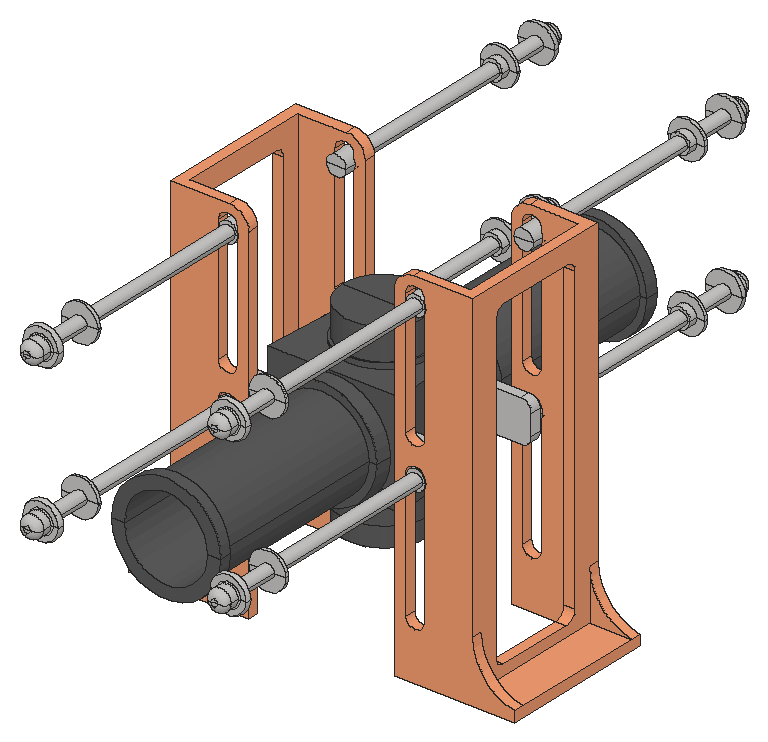
Revit family "Water_Closet_Support-Jay_R.Smith-(0532FDY_0544FDY)_Series", category Mechanical Equipment, Revit 2019
Family settings
  Round Connector Dimension = Use Diameter
  Classification = None
  Part Type = Normal
  OmniClass Number = 23.70.00.00
  OmniClass Title = Waste Management
  Work Plane-Based = Yes
  Always vertical = No
  Cut with Voids When Loaded = No
  Shared = Yes
  Room Calculation Point = No
Parameters (values of type "0544FDY")
  Width = 18 1/2"  # constant formula
  Waste Connection Radius = Waste Connection Diameter / 2  # 2"
  Waste Connection Diameter = A Dimension  # 4"
  Waste Connection = yes
  Wall Thickness Adjustable = 8 3/4"
  WFU = 0
  Vent Connection Diameter = B Dimension  # 4"
  Vent Connection = yes
  URL = "http://www.jrsmith.com"
  Type Comments = "Water Closet Support"
  Screw Material = Metal-Jay R Smith-Stainless Steel
  Right Coupling Inlet Connection Description = "4\" No HUB Coupling Inlet Connection 2"
  Product Page URL = "https://www.jrsmith.com/floor-mount-frame-0532f-and-0542f"
  Product Documentation Link = "https://www.jrsmith.com/uploads/fileLibrary/d0532fy.pdf"
  Nipple Material = ABS-Jay R Smith-Black
  Model = "0544FDY"
  Material = "Cast Iron-Jay R Smith-Duco Coated"
  Manufacturer = "Jay R Smith"
  Installation Type = "Floor Mounted"
  Height = 17 1/2"  # constant formula
  Left Coupling Inlet Connection Description = "4\" No HUB Coupling Inlet Connection 1"
  A Outlet Connection Description = "4\" No HUB Outlet Connection A"
  HWFU = 0
  HW Connection = no
  Finish = Cast Iron-Jay R Smith-Duco Coated
  E Dimension = 3 1/2"
  Description = "Floor-Mount Frame for Hub and Spigot System"
  Default Elevation = 0"
  Creation Date = "08/11/2023"  # constant formula
  Coupling Diameter = 4"  # constant formula
  CWFU = 0
  CW Connection = no
  Adjustable Height Constraint = if(Adjustable Height < 3", 3", if(Adjustable Height > 8 3/4", 8 3/4", Adjustable Height))  # 8 3/4"
  Adjustable Height = 8 3/4"
  B Vent Connection Description = "4\" Vent Connection B"
  B Dimension = 4"
  Assembly Code = "D2030400"
  A Dimension Radius = A Dimension / 2  # 2"
  A Dimension = 4"
Types (5): name | Waste Connection Radius | Waste Connection Diameter | Vent Connection Diameter | Model | A Outlet Connection Description | E Dimension | B Vent Connection Description | B Dimension | A Dimension Radius | A Dimension
  (no name) | 2" | 4" | 4" | "0544FDY" | "4\" No HUB Outlet Connection A" | 3 1/2" | "4\" Vent Connection B" | 4" | 2" | 4"
  0532FDY | 1 1/2" | 3" | 2" | "0532FDY" | "3\" No HUB Outlet Connection A" | 3" | "2\" Vent Connection B" | 2" | 1 1/2" | 3"
  0533FDY | 1 1/2" | 3" | 3" | "0533FDY" | "3\" No HUB Outlet Connection A" | 3" | "3\" Vent Connection B" | 3" | 1 1/2" | 3"
  0542FDY | 2" | 4" | 2" | "0542FDY" | "4\" No HUB Outlet Connection A" | 3 1/2" | "2\" Vent Connection B" | 2" | 2" | 4"
  0544FDY | 2" | 4" | 4" | "0544FDY" | "4\" No HUB Outlet Connection A" | 3 1/2" | "4\" Vent Connection B" | 4" | 2" | 4"
Reference planes (in)
  plane 1 "Center (Front/Back)": y = 0
  plane 2: z = 0
  plane 3 "Center (Left/Right)": x = 0
  plane 4: x = -9.25
  plane 5: x = 9.25
  plane 6: z = 17.5
  plane 7: x = -4.5
  plane 8: x = 4.5
  plane 9: z = 8.75
  plane 10: z = 16.25
  plane 11: z = 3.75
  plane 12: z = 13.25
  plane 13: y = -8.75
  plane 14: x = -1
  plane 15: x = 3
  plane 16: x = -2
  plane 17: x = 2
  plane 18: z = 9.75
  plane 19: y = 3.75
  plane 20: y = 16.25
  plane 21: y = 7.5
Dimensions and locks (in)
  equal spacing: plane 5, plane 3 "Center (Left/Right)", plane 4
  "Width": plane 5 to plane 4
  "Height": plane 6 to level
  equal spacing: plane 8, plane 3 "Center (Left/Right)", plane 7
  plane 8 to plane 7 = 9"
  "Adjustable Height Constraint": plane 9 to level
  locked: plane 10 to plane 9 at 7.5
  locked: plane 9 to plane 11 at 5
  locked: plane 12 to plane 9 at 4.5
  "Wall Thickness Adjustable": plane 13 to plane 1 "Center (Front/Back)"
  plane 14 to nested 1 to plane 15 = 1", 3"
  "B Dimension": plane 14 to plane 15
  equal spacing: plane 17, plane 3 "Center (Left/Right)", plane 16
  "A Dimension": plane 17 to plane 16
  plane 16 to nested 1 = 2"
  plane 12 to plane 9 = 4 1/2"
  plane 9 to plane 11 = 5"
  locked: plane 18 to plane 9 at 1
  plane 1 "Center (Front/Back)" to plane 21 = 7 1/2"
  nested 3 to nested 3 = 4 3/4"
  plane 19 to plane 21 = 3 3/4"
  "Wall Thickness Adjustable": plane 21 to plane 20
  aligned and locked: plane 9 to nested 1
  aligned and locked: plane 13 to nested 1
  aligned and locked: plane 3 "Center (Left/Right)" to nested 1
  aligned and locked: plane 18 to nested 2
  aligned and locked: plane 3 "Center (Left/Right)" to nested 3
  aligned and locked: plane 1 "Center (Front/Back)" to nested 3
  aligned and locked: nested 2 to plane 19
  aligned and locked: nested 4 to plane 20
  aligned and locked: nested 4 to plane 9
Nested families (in)
  nested 1: "Coupling" at (0, 0.5, -3.5645), A <- "A Dimension", B <- "B Dimension", Wall thickness <- "Wall Thickness Adjustable", Screw Material <- "Screw Material", Nipple Material <- "Nipple Material", Body <- "Finish", type "Coupling"
    with Wall thickness 8 3/4", Screw Material Metal-Jay R Smith-Stainless Steel, Nipple Material ABS-Jay R Smith-Black, C (Min. 8 3/4" Max. 9 3/4") 9 3/4", Body Cast Iron-Jay R Smith-Duco Coated, B 4", A 4"
  nested 2: "Outlets" at (0, 1.5, -3.5645), Screw Material <- "Screw Material", Body <- "Finish", A <- "A Dimension", B <- "B Dimension", type "Outlets"
    with Wall thickness 8 3/4", Screw Material Metal-Jay R Smith-Stainless Steel, Nipple Material ABS-Jay R Smith-Black, C (Min. 8 3/4" Max. 9 3/4") 9 3/4", Body Cast Iron-Jay R Smith-Duco Coated, B 4", A 4"
  nested 3: "Support Leg - Double" at (0, 0, 0), Material <- "Finish", type "Support Leg - Double"
    with Material Cast Iron-Jay R Smith-Duco Coated
  nested 4: "Coupling" at (0, 7, -3.5645), A <- "A Dimension", B <- "B Dimension", Wall thickness <- "Wall Thickness Adjustable", Screw Material <- "Screw Material", Nipple Material <- "Nipple Material", Body <- "Finish", type "Coupling"
    with Wall thickness 8 3/4", Screw Material Metal-Jay R Smith-Stainless Steel, Nipple Material ABS-Jay R Smith-Black, C (Min. 8 3/4" Max. 9 3/4") 9 3/4", Body Cast Iron-Jay R Smith-Duco Coated, B 4", A 4"
Connectors (in)
  piping at (0, -9.32077, 8.75), diameter 4, driven by "Coupling Diameter", driven by "Left Coupling Inlet Connection Description"
    settings: on nested 1, index 3, connector inside diameter 24", connector length 0", flow factor 0, pipe flow 0 GPM, pressure drop 0.00 psi, fitting loss kfactor 0, connector angle 0.00°, fixture units 0, engagement length 0", angle of deflection 0.00°, flow configuration 0, flow direction 1, fitting loss method 0, system type 28, joint type 0, gender type 0, connector reference index -1, connector utility 0, adjustable connector no, is connector primary yes, connector description "4\" No HUB Coupling Inlet Connection 1"
  piping at (0, 3.75, 13.25), diameter 4, driven by "B Vent Connection Description", driven by "B Dimension"
    settings: on nested 2, index 4, connector inside diameter 24", connector length 0", flow factor 0, pipe flow 0 GPM, pressure drop 0.00 psi, fitting loss kfactor 0, connector angle 0.00°, fixture units 0, engagement length 0", angle of deflection 0.00°, flow configuration 0, flow direction 2, fitting loss method 0, system type 17, joint type 0, gender type 0, connector reference index -1, connector utility 0, adjustable connector no, is connector primary no, connector description "4\" Vent Connection B"
  piping at (0, 3.75, 3.75), diameter 4, driven by "A Outlet Connection Description", driven by "A Dimension"
    settings: on nested 2, index 5, connector inside diameter 24", connector length 0", flow factor 0, pipe flow 0 GPM, pressure drop 0.00 psi, fitting loss kfactor 0, connector angle 0.00°, fixture units 0, engagement length 0", angle of deflection 0.00°, flow configuration 0, flow direction 2, fitting loss method 0, system type 28, joint type 0, gender type 0, connector reference index -1, connector utility 0, adjustable connector no, is connector primary no, connector description "4\" No HUB Outlet Connection A"
  piping at (0, 16.82077, 8.75), diameter 4, driven by "Coupling Diameter", driven by "Right Coupling Inlet Connection Description"
    settings: on nested 4, index 6, connector inside diameter 24", connector length 0", flow factor 0, pipe flow 0 GPM, pressure drop 0.00 psi, fitting loss kfactor 0, connector angle 0.00°, fixture units 0, engagement length 0", angle of deflection 0.00°, flow configuration 0, flow direction 1, fitting loss method 0, system type 28, joint type 0, gender type 0, connector reference index -1, connector utility 0, adjustable connector no, is connector primary no, connector description "4\" No HUB Coupling Inlet Connection 2"
Definition of nested family "Coupling"
  Parameters (values of type "Coupling")
    s = 3 3/8"  # constant formula
    Width = 16 3/4"
    Waste Connection Radius = 2"
    Waste Connection Height = 9"
    Waste Connection Diameter = Waste Connection Radius * 2  # 4"
    Waste Connection = yes
    Warranty Information = "1 Year Limited"
    Wall thickness [instance] = 8 3/4"
    WFU = 0
    Vent Connection = yes
    URL = "http://www.jrsmith.com"
    Type Comments = ""
    Screw Material [instance] = none
    Product Page URL = "https://www.jrsmith.com/product.aspx?ProductId=16&title=Horizontal+Fittings+Extra+Heavy+Duty+750+Lbs.+for+Siphon+Jet+Water+Closets"
    Price = "Prices may vary. Please consult Manufacturer Representative for most up-to-date price list."  # constant formula
    Phone Number = ""
    Nipple Material [instance] = none
    Model = "0211DY-M58-M54"
    Manufacturer = "Jay R Smith"
    Installation Type = "Floor Mounted"
    HWFU = 0
    HW Connection = no
    Description = "Horizontal Fittings for Siphon Jet Water Closets"
    Default Elevation = 0"
    Creation Date = ""
    Created By = ""
    CWFU = 0
    CW Connection = no
    C (Min. 8 3/4" Max. 9 3/4") [instance] = 9 3/4"
    Body [instance] = none
    Barrel Length = 14"
    B [instance] = 2.75133"
    Assembly Code = "D2030400"
    A [instance] = 4"
  Reference planes (in)
    plane 1 "Center (Front/Back)": y = 0.5
    plane 2: z = 0
    plane 3 "Center (Left/Right)": x = 0
    plane 4: x = -4.5
    plane 5: x = 4.5
    plane 6: z = 12.3145
    plane 7: z = 19.8145
    plane 8: x = 4.5
    plane 9: y = -9.25
    plane 10: y = -0.5
    plane 11: y = -11.5
    plane 12: z = 7.3145
    plane 13: z = 16.8145
    plane 14: x = -1.37566
    plane 15: x = 1.37566
    plane 16: x = -2
    plane 17: x = 2
    plane 18: y = 5
    plane 19: y = 2.25
    plane 20: z = 13.3145
    plane 21: x = -7
    plane 22: x = 7
    plane 23: x = -5.25
    plane 24: x = 5.25
  Forms (in)
    Revolve 1, solid, material <- "Nipple Material"
      sketch origin (0, -9.367, 12.3145) x (0, -1, 0) y (1, 0, 0)
        loop
          line (0.45378, -2.60647) -> (0.45378, -2) -> (-8.867, -2) -> (-8.867, 0) -> (-11.617, 0) -> (-11.617, -2) -> (-9.867, -2) -> (-9.867, -2.68843) -> (-8.867, -2.63112) -> (-8.867, -2.24758) -> (-0.117, -2.24758) -> (-0.117, -2.60647) -> (0.45378, -2.60647)
        axis (0.45378, 0) -> (-11.617, 0)
      angle from 0 to 360
    Revolve 2, solid, material <- "Screw Material"
      sketch origin (39.61063, 0, 12.3145) x (-1, 0, 0) y (0, -1, 0)
        loop
          line (35.11063, -0.5) -> (35.5823, -0.5) -> (35.5823, 0.5) -> (35.43171, 0.5) -> (35.43171, 8.8722) -> (35.58245, 8.8722) -> (35.58245, 9.25) -> (35.99826, 9.25) -> (35.99826, 9.38218) -> (35.43171, 9.38218) -> (35.43171, 11.5) -> (35.99826, 11.5)
          arc (35.99826, 11.5) -> (35.99463, 11.61583) -> (35.96045, 11.72656) r 0.43348
          line (35.96045, 11.72656) -> (35.68375, 11.72656)
          arc (35.68375, 11.72656) -> (35.639, 11.74509) -> (35.62046, 11.78985) r 0.06329
          line (35.62046, 11.78985) -> (35.62046, 12.19873)
          arc (35.62046, 12.19873) -> (35.52088, 12.43913) -> (35.28047, 12.53871) r 0.33999
          line (35.28047, 12.53871) -> (35.11063, 12.53871) -> (35.11063, -0.5)
        axis (35.11063, -0.5) -> (35.11063, 12.53871)
      angle from 0 to 360
    Revolve 3, solid, material <- "Screw Material"
      sketch origin (39.61063, 0, 19.8145) x (-1, 0, 0) y (0, -1, 0)
        loop
          line (35.11063, -0.5) -> (35.5823, -0.5) -> (35.5823, 0.5) -> (35.43171, 0.5) -> (35.43171, 8.8722) -> (35.58245, 8.8722) -> (35.58245, 9.25) -> (35.99826, 9.25) -> (35.99826, 9.38218) -> (35.43171, 9.38218) -> (35.43171, 11.5) -> (35.99826, 11.5)
          arc (35.99826, 11.5) -> (35.99463, 11.61583) -> (35.96045, 11.72656) r 0.43348
          line (35.96045, 11.72656) -> (35.68375, 11.72656)
          arc (35.68375, 11.72656) -> (35.639, 11.74509) -> (35.62046, 11.78985) r 0.06329
          line (35.62046, 11.78985) -> (35.62046, 12.19873)
          arc (35.62046, 12.19873) -> (35.52088, 12.43913) -> (35.28047, 12.53871) r 0.33999
          line (35.28047, 12.53871) -> (35.11063, 12.53871) -> (35.11063, -0.5)
        axis (35.11063, -0.5) -> (35.11063, 12.53871)
      angle from 0 to 360
    Revolve 4, solid, material <- "Screw Material"
      sketch origin (-39.61063, 0, 12.3145) x (1, 0, 0) y (0, 1, 0)
        loop
          line (35.11063, 0.5) -> (35.11063, -12.53871) -> (35.28047, -12.53871)
          arc (35.28047, -12.53871) -> (35.52088, -12.43913) -> (35.62046, -12.19873) r 0.33999
          line (35.62046, -12.19873) -> (35.62046, -11.78985)
          arc (35.62046, -11.78985) -> (35.639, -11.74509) -> (35.68375, -11.72656) r 0.06329
          line (35.68375, -11.72656) -> (35.96045, -11.72656)
          arc (35.96045, -11.72656) -> (35.99463, -11.61583) -> (35.99826, -11.5) r 0.43348
          line (35.99826, -11.5) -> (35.43171, -11.5) -> (35.43171, -9.38218) -> (35.99826, -9.38218) -> (35.99826, -9.25) -> (35.58245, -9.25) -> (35.58245, -8.8722) -> (35.43171, -8.8722) -> (35.43171, -0.5) -> (35.5823, -0.5) -> (35.5823, 0.5) -> (35.11063, 0.5)
        axis (35.11063, 0.5) -> (35.11063, -12.53871)
      angle from 0 to 360
    Revolve 5, solid, material <- "Screw Material"
      sketch origin (-39.61063, 0, 19.8145) x (1, 0, 0) y (0, 1, 0)
        loop
          line (35.11063, 0.5) -> (35.11063, -12.53871) -> (35.28047, -12.53871)
          arc (35.28047, -12.53871) -> (35.52088, -12.43913) -> (35.62046, -12.19873) r 0.33999
          line (35.62046, -12.19873) -> (35.62046, -11.78985)
          arc (35.62046, -11.78985) -> (35.639, -11.74509) -> (35.68375, -11.72656) r 0.06329
          line (35.68375, -11.72656) -> (35.96045, -11.72656)
          arc (35.96045, -11.72656) -> (35.99463, -11.61583) -> (35.99826, -11.5) r 0.43348
          line (35.99826, -11.5) -> (35.43171, -11.5) -> (35.43171, -9.38218) -> (35.99826, -9.38218) -> (35.99826, -9.25) -> (35.58245, -9.25) -> (35.58245, -8.8722) -> (35.43171, -8.8722) -> (35.43171, -0.5) -> (35.5823, -0.5) -> (35.5823, 0.5) -> (35.11063, 0.5)
        axis (35.11063, 0.5) -> (35.11063, -12.53871)
      angle from 0 to 360
    Extrusion 6, solid, material <- "Screw Material"
      sketch origin (0, 0.5, 0) x (1, 0, 0) y (0, 0, 1)
        loop
          arc (-4.75, 13.3145) -> (-5.10355, 13.16805) -> (-5.25, 12.8145) r 0.5
          line (-5.25, 12.8145) -> (-5.25, 11.8145)
          arc (-5.25, 11.8145) -> (-5.10355, 11.46094) -> (-4.75, 11.3145) r 0.5
          line (-4.75, 11.3145) -> (4.75, 11.3145)
          arc (4.75, 11.3145) -> (5.10355, 11.46094) -> (5.25, 11.8145) r 0.5
          line (5.25, 11.8145) -> (5.25, 12.8145)
          arc (5.25, 12.8145) -> (5.10355, 13.16805) -> (4.75, 13.3145) r 0.5
          line (4.75, 13.3145) -> (-4.75, 13.3145)
      from -0.5 to 0
  Dimensions and locks (in)
    plane 5 to plane 4 = 9"
    plane 7 to plane 6 = 7 1/2"
    locked: plane 10 to plane 1 "Center (Front/Back)" at 1
    "Wall thickness": plane 9 to plane 10
    locked: plane 11 to plane 9 at 2.25
    locked: Revolve 1 sketch curve to Revolve 1 sketch curve at 0.57077
    plane 6 to plane 12 = 5"
    plane 13 to plane 6 = 4 1/2"
    equal spacing: plane 15, plane 3 "Center (Left/Right)", plane 14
    "B": plane 15 to plane 14
    equal spacing: plane 17, plane 3 "Center (Left/Right)", plane 16
    "A": plane 17 to plane 16
    locked: plane 18 to plane 10 at 5.5
    equal spacing: plane 18, plane 19, plane 10
    locked: plane 20 to plane 6 at 1
    plane 3 "Center (Left/Right)" to plane 21 = 7"
    equal spacing: plane 22, plane 3 "Center (Left/Right)", plane 21
    Revolve 1 sketch curve to Revolve 1 sketch curve to plane 3 "Center (Left/Right)" = 0.24758" locked, 2" locked
    plane 8 to plane 4 = 9"
    equal spacing: plane 24, plane 3 "Center (Left/Right)", plane 23
    plane 24 to plane 23 = 10 1/2"
    plane 19 to plane 10 = 2 3/4"
    aligned and locked: plane 11 to Revolve 2 sketch curve
    aligned and locked: plane 9 to Revolve 2 sketch curve
    aligned and locked: Revolve 2 sketch curve to plane 10
    aligned and locked: Revolve 2 sketch curve to plane 1 "Center (Front/Back)"
    aligned and locked: Revolve 1 sketch curve to plane 9
    aligned and locked: Revolve 1 sketch curve to plane 10  (x2)
    aligned and locked: plane 9 to Revolve 3 sketch curve
    aligned and locked: plane 11 to Revolve 3 sketch curve
    aligned and locked: Revolve 3 sketch curve to plane 10
    aligned and locked: Revolve 3 sketch curve to plane 1 "Center (Front/Back)"
    aligned and locked: Revolve 4 sketch curve to plane 11
    aligned and locked: Revolve 4 sketch curve to plane 9
    aligned and locked: plane 10 to Revolve 4 sketch curve
    aligned and locked: plane 1 "Center (Front/Back)" to Revolve 4 sketch curve
    aligned and locked: Revolve 5 sketch curve to plane 11
    aligned and locked: Revolve 5 sketch curve to plane 9
    aligned and locked: plane 1 "Center (Front/Back)" to Revolve 5 sketch curve
    aligned and locked: plane 10 to Revolve 5 sketch curve
    aligned and locked: plane 19 to Revolve 1 sketch curve
    aligned and locked: Revolve 1 sketch curve to plane 16
    aligned and locked: plane 3 "Center (Left/Right)" to Revolve 1 sketch curve
    aligned and locked: plane 1 "Center (Front/Back)" to Revolve 1 sketch curve
    aligned and locked: Extrusion 6 to plane 1 "Center (Front/Back)"
  Automatic sketch dimensions
    Revolve 2 sketch curve to plane 5 = 0"  (x2)
    plane 1 "Center (Front/Back)" to Revolve 2 sketch curve = 0"
    Revolve 2 sketch curve to Revolve 2 sketch curve = 0.16984"
    plane 5 to Revolve 2 sketch curve = 0.32108"  (x2)
    Revolve 2 sketch curve to plane 11 = 0.04447"
    Revolve 2 sketch curve to Revolve 2 sketch curve = 0.13535"
    Revolve 2 sketch curve to Revolve 2 sketch curve = 0.47167"
    Revolve 2 sketch curve to Revolve 2 sketch curve = 0.15074"
    Revolve 2 sketch curve to Revolve 2 sketch curve = 0.0534"
    Revolve 2 sketch curve to Revolve 2 sketch curve = 0.06329"
    Revolve 2 sketch curve to Revolve 2 sketch curve = 0.27669"
    Revolve 2 sketch curve to Revolve 2 sketch curve = 0.41581"
    Revolve 2 sketch curve to Revolve 2 sketch curve = 0.03781"
    plane 9 to Revolve 2 sketch curve = 0.3778"
    Revolve 2 sketch curve to plane 9 = 0.13218"
    Revolve 2 sketch curve to Revolve 2 sketch curve = 0.40888"
    Revolve 2 sketch curve to plane 10 = 0.1306"
    Revolve 3 sketch curve to plane 5 = 0"  (x2)
    plane 1 "Center (Front/Back)" to Revolve 3 sketch curve = 0"
    Revolve 3 sketch curve to Revolve 3 sketch curve = 0.16984"
    plane 5 to Revolve 3 sketch curve = 0.32108"  (x2)
    Revolve 3 sketch curve to plane 11 = 0.04447"
    Revolve 3 sketch curve to Revolve 3 sketch curve = 0.13535"
    Revolve 3 sketch curve to Revolve 3 sketch curve = 0.47167"
    Revolve 3 sketch curve to Revolve 3 sketch curve = 0.15074"
    Revolve 3 sketch curve to Revolve 3 sketch curve = 0.0534"
    Revolve 3 sketch curve to Revolve 3 sketch curve = 0.06329"
    Revolve 3 sketch curve to Revolve 3 sketch curve = 0.27669"
    Revolve 3 sketch curve to Revolve 3 sketch curve = 0.41581"
    Revolve 3 sketch curve to Revolve 3 sketch curve = 0.03781"
    plane 9 to Revolve 3 sketch curve = 0.3778"
    Revolve 3 sketch curve to plane 9 = 0.13218"
    Revolve 3 sketch curve to Revolve 3 sketch curve = 0.40888"
    Revolve 3 sketch curve to plane 10 = 0.1306"
    Revolve 4 sketch curve to plane 4 = 0"  (x2)
    plane 1 "Center (Front/Back)" to Revolve 4 sketch curve = 0"
    Revolve 4 sketch curve to Revolve 4 sketch curve = 0.16984"
    plane 4 to Revolve 4 sketch curve = 0.32108"  (x2)
    Revolve 4 sketch curve to plane 11 = 0.04447"
    Revolve 4 sketch curve to Revolve 4 sketch curve = 0.13535"
    Revolve 4 sketch curve to Revolve 4 sketch curve = 0.47167"
    Revolve 4 sketch curve to Revolve 4 sketch curve = 0.15074"
    Revolve 4 sketch curve to Revolve 4 sketch curve = 0.0534"
    Revolve 4 sketch curve to Revolve 4 sketch curve = 0.06329"
    Revolve 4 sketch curve to Revolve 4 sketch curve = 0.27669"
    Revolve 4 sketch curve to Revolve 4 sketch curve = 0.41581"
    Revolve 4 sketch curve to Revolve 4 sketch curve = 0.03781"
    Revolve 4 sketch curve to Revolve 4 sketch curve = 0.40888"
    Revolve 4 sketch curve to plane 9 = 0.13218"
    Revolve 4 sketch curve to Revolve 4 sketch curve = 0.3778"
    Revolve 4 sketch curve to plane 10 = 0.1306"
    Revolve 5 sketch curve to plane 4 = 0"  (x2)
    plane 1 "Center (Front/Back)" to Revolve 5 sketch curve = 0"
    Revolve 5 sketch curve to Revolve 5 sketch curve = 0.16984"
    plane 4 to Revolve 5 sketch curve = 0.32108"  (x2)
    Revolve 5 sketch curve to plane 11 = 0.04447"
    Revolve 5 sketch curve to Revolve 5 sketch curve = 0.13535"
    Revolve 5 sketch curve to Revolve 5 sketch curve = 0.47167"
    Revolve 5 sketch curve to Revolve 5 sketch curve = 0.15074"
    Revolve 5 sketch curve to Revolve 5 sketch curve = 0.0534"
    Revolve 5 sketch curve to Revolve 5 sketch curve = 0.06329"
    Revolve 5 sketch curve to Revolve 5 sketch curve = 0.27669"
    Revolve 5 sketch curve to Revolve 5 sketch curve = 0.41581"
    Revolve 5 sketch curve to Revolve 5 sketch curve = 0.03781"
    Revolve 5 sketch curve to Revolve 5 sketch curve = 0.40888"
    Revolve 5 sketch curve to plane 9 = 0.13218"
    Revolve 5 sketch curve to Revolve 5 sketch curve = 0.3778"
    Revolve 5 sketch curve to plane 10 = 0.1306"
    Revolve 1 sketch curve to plane 16 = 0.60647"
    Revolve 1 sketch curve to Revolve 1 sketch curve = 0.38355"
    Revolve 1 sketch curve to plane 16 = 0.68843"
    plane 3 "Center (Left/Right)" to Revolve 1 sketch curve = 0"
    plane 19 to Revolve 1 sketch curve = 0.64095"
    Revolve 1 sketch curve to Revolve 1 sketch curve = 0.23405"
    Extrusion 6 sketch curve to plane 23 = 0"
    Extrusion 6 sketch curve to plane 20 = 0"
    plane 24 to Extrusion 6 sketch curve = 0"
    Extrusion 6 sketch curve to plane 4 = 1/4"  (x2)
    Extrusion 6 sketch curve to plane 5 = 1/4"  (x2)
    Extrusion 6 sketch curve to plane 6 = 1/2"
Definition of nested family "Outlets"
  Parameters (values of type "Outlets")
    s = 2 1/2"  # constant formula
    Width = 16 3/4"
    Waste Connection Radius = 2"
    Waste Connection Height = 9"
    Waste Connection Diameter = Waste Connection Radius * 2  # 4"
    Waste Connection = yes
    Warranty Information = "1 Year Limited"
    Wall thickness [instance] = 8 3/4"
    WFU = 0
    Vent Connection = yes
    URL = "http://www.jrsmith.com"
    Type Comments = ""
    Screw Material [instance] = none
    Product Page URL = "https://www.jrsmith.com/product.aspx?ProductId=16&title=Horizontal+Fittings+Extra+Heavy+Duty+750+Lbs.+for+Siphon+Jet+Water+Closets"
    Price = "Prices may vary. Please consult Manufacturer Representative for most up-to-date price list."  # constant formula
    Phone Number = ""
    Nipple Material [instance] = none
    Model = "0211DY-M58-M54"
    Manufacturer = "Jay R Smith"
    Installation Type = "Floor Mounted"
    HWFU = 0
    HW Connection = no
    Description = "Horizontal Fittings for Siphon Jet Water Closets"
    Default Elevation = 0"
    Creation Date = ""
    Created By = ""
    CWFU = 0
    CW Connection = no
    C (Min. 8 3/4" Max. 9 3/4") [instance] = 9 3/4"
    Body [instance] = none
    Barrel Length = 14"
    B [instance] = 2.75133"
    Assembly Code = "D2030400"
    A [instance] = 4"
  Reference planes (in)
    plane 1 "Center (Front/Back)": y = 0.5
    plane 2: z = 0
    plane 3 "Center (Left/Right)": x = 0
    plane 4: x = -4.5
    plane 5: x = 4.5
    plane 6: z = 12.3145
    plane 7: z = 19.8145
    plane 8: x = 4.5
    plane 9: z = 7.3145
    plane 10: z = 16.8145
    plane 11: x = -1.37566
    plane 12: x = 1.37566
    plane 13: x = -2
    plane 14: x = 2
    plane 15: y = 2.25
    plane 16: z = 13.3145
    plane 17: x = -7
    plane 18: x = 7
    plane 19: y = -0.25
    plane 20: y = -0.75
    plane 21: y = 3.9375
  Forms (in)
    Revolve 1, solid
      sketch origin (0, 2.25, 0) x (1, 0, 0) y (0, 0, 1)
        loop
          line (1.37566, 16.8145) -> (0, 16.8145) -> (0, 7.3145) -> (2, 7.3145) -> (2, 8.3145) -> (2.12566, 8.3145) -> (2.12566, 15.3145) -> (1.37566, 15.3145) -> (1.37566, 16.8145)
        axis (0, 16.8145) -> (0, 7.3145)
      angle from 0 to 360
    Extrusion 2, solid, material <- "Nipple Material"
      sketch origin (0, 0, 0) x (1, 0, 0) y (0, 1, 0)
        loop
          line (-2.85787, 3.9375) -> (-3.18565, -0.75) -> (3.18565, -0.75) -> (2.85787, 3.9375) -> (-2.85787, 3.9375)
      from 10.14532 to 15.07119
  Dimensions and locks (in)
    plane 5 to plane 4 = 9"
    plane 7 to plane 6 = 7 1/2"
    plane 6 to plane 9 = 5"  (x2)
    plane 10 to plane 6 = 4 1/2"  (x2)
    equal spacing: plane 12, plane 3 "Center (Left/Right)", plane 11
    "B": plane 12 to plane 11
    equal spacing: plane 14, plane 3 "Center (Left/Right)", plane 13
    "A": plane 14 to plane 13
    locked: plane 16 to plane 6 at 1
    locked: plane 10 to Revolve 1 sketch curve at 1.5
    locked: plane 14 to Revolve 1 sketch curve at 0.12566
    plane 3 "Center (Left/Right)" to plane 17 = 7"
    equal spacing: plane 18, plane 3 "Center (Left/Right)", plane 17
    plane 16 to plane 6 = 1"
    locked: plane 15 to plane 19 at 2.5
    locked: plane 19 to plane 20 at 0.5
    locked: plane 21 to plane 20 at 4.6875
    angle Extrusion 2 sketch curve to Extrusion 2 sketch curve = 86.00°
    locked: Extrusion 2 sketch curve to Extrusion 2 sketch curve (angle 94.00°)  (x2)
    locked: Extrusion 2 sketch curve to Extrusion 2 sketch curve (angle 86.00°)
    aligned and locked: plane 10 to Revolve 1 sketch curve
    aligned and locked: Revolve 1 sketch curve to plane 12
    aligned and locked: Revolve 1 sketch curve to plane 3 "Center (Left/Right)"  (x2)
    aligned and locked: Revolve 1 sketch curve to plane 9
    aligned and locked: Revolve 1 sketch curve to plane 14
    aligned and locked: Extrusion 2 sketch curve to plane 20
    aligned and locked: Extrusion 2 sketch curve to plane 21
  Automatic sketch dimensions
    Revolve 1 sketch curve to plane 9 = 0"
    Revolve 1 sketch curve to plane 10 = 0"
    Revolve 1 sketch curve to Revolve 1 sketch curve = 1"
    Extrusion 2 sketch curve to plane 13 = 0.85787"
    Extrusion 2 sketch curve to plane 14 = 0.85787"
Definition of nested family "Support Leg - Double"
  Parameters (values of type "Support Leg - Double")
    Material [instance] = none
    L = 18 1/4"
    Assembly Code = ""
  Reference planes (in)
    plane 1 "Center (Front/Back)": y = 0
    plane 2: z = 0
    plane 3 "Center (Left/Right)": x = 0
    plane 4: z = 17.5
    plane 5: z = 9.5
    plane 6: x = -9.25
    plane 7: x = 9.25
    plane 8: x = -2
    plane 9: x = -4.5
    plane 10: x = 4.5
    plane 11: y = 7.5
    plane 12: y = 3.75
  Forms (in)
    Extrusion 1, solid, material <- "Material"
      sketch origin (26.28506, 23.36756, 0) x (1, 0, 0) y (0, 0, 1)
        loop
          line (-17.03506, 0) -> (-17.03506, 0.5)
          arc (-17.03506, 0.5) -> (-18.47231, 1.37986) -> (-19.03506, 2.96829) r 2.52312
          line (-19.03506, 2.96829) -> (-19.03506, 17.5) -> (-21.88037, 17.5)
          arc (-21.88037, 17.5) -> (-22.52009, 17.23502) -> (-22.78506, 16.59531) r 0.90469
          line (-22.78506, 16.59531) -> (-22.78506, 0) -> (-17.03506, 0)
        loop
          arc (-21.33045, 16.64843) -> (-21.78506, 17.10304) -> (-22.23968, 16.64843) r 0.45462
          line (-22.23968, 16.64843) -> (-22.23968, 10.64973)
          arc (-22.23968, 10.64973) -> (-21.78506, 10.19512) -> (-21.33045, 10.64973) r 0.45462
          line (-21.33045, 10.64973) -> (-21.33045, 16.64843)
        loop
          arc (-21.33045, 8.89843) -> (-21.78506, 9.35304) -> (-22.23968, 8.89843) r 0.45462
          line (-22.23968, 8.89843) -> (-22.23968, 2.77473)
          arc (-22.23968, 2.77473) -> (-21.78506, 2.32012) -> (-21.33045, 2.77473) r 0.45462
          line (-21.33045, 2.77473) -> (-21.33045, 8.89843)
      from 22.86756 to 23.36756
    Extrusion 2, solid, material <- "Material"
      sketch origin (1.5, 23.36756, 0) x (0, 0, 1) y (0, 1, 0)
        loop
          line (0, -23.36756) -> (17.5, -23.36756) -> (17.5, -15.86756) -> (0, -15.86756) -> (0, -23.36756)
        loop
          line (1.48817, -21.99256) -> (16.01183, -21.99256)
          arc (16.01183, -21.99256) -> (16.36538, -21.84612) -> (16.51183, -21.49256) r 0.5
          line (16.51183, -21.49256) -> (16.51183, -17.74256)
          arc (16.51183, -17.74256) -> (16.36538, -17.38901) -> (16.01183, -17.24256) r 0.5
          line (16.01183, -17.24256) -> (1.48817, -17.24256)
          arc (1.48817, -17.24256) -> (1.13462, -17.38901) -> (0.98817, -17.74256) r 0.5
          line (0.98817, -17.74256) -> (0.98817, -21.49256)
          arc (0.98817, -21.49256) -> (1.13462, -21.84612) -> (1.48817, -21.99256) r 0.5
      from -5.75 to -5.22605
    Extrusion 3, solid, material <- "Material"
      sketch origin (0, 0, 0) x (-1, 0, 0) y (0, -1, 0)
        loop
          line (-9.25, -7.5) -> (-7.25, -7.5) -> (-7.25, 0) -> (-9.25, 0) -> (-9.25, -7.5)
      from 0 to 0.5
    Extrusion 4, solid, material <- "Material"
      sketch origin (26.28506, -15.86756, 0) x (1, 0, 0) y (0, 0, -1)
        loop
          line (-17.03506, 0) -> (-22.78506, 0) -> (-22.78506, -16.59531)
          arc (-22.78506, -16.59531) -> (-22.52009, -17.23502) -> (-21.88037, -17.5) r 0.90469
          line (-21.88037, -17.5) -> (-19.03506, -17.5) -> (-19.03506, -2.96829)
          arc (-19.03506, -2.96829) -> (-18.47231, -1.37986) -> (-17.03506, -0.5) r 2.52312
          line (-17.03506, -0.5) -> (-17.03506, 0)
        loop
          line (-21.33045, -16.64843) -> (-21.33045, -10.64973)
          arc (-21.33045, -10.64973) -> (-21.78506, -10.19512) -> (-22.23968, -10.64973) r 0.45462
          line (-22.23968, -10.64973) -> (-22.23968, -16.64843)
          arc (-22.23968, -16.64843) -> (-21.78506, -17.10304) -> (-21.33045, -16.64843) r 0.45462
        loop
          line (-21.33045, -8.89843) -> (-21.33045, -2.77473)
          arc (-21.33045, -2.77473) -> (-21.78506, -2.32012) -> (-22.23968, -2.77473) r 0.45462
          line (-22.23968, -2.77473) -> (-22.23968, -8.89843)
          arc (-22.23968, -8.89843) -> (-21.78506, -9.35304) -> (-21.33045, -8.89843) r 0.45462
      from 22.86756 to 23.36756
    Extrusion 5, solid, material <- "Material"
      sketch origin (-26.28506, 23.36756, 0) x (-1, 0, 0) y (0, 0, -1)
        loop
          line (-17.03506, 0) -> (-22.78506, 0) -> (-22.78506, -16.59531)
          arc (-22.78506, -16.59531) -> (-22.52009, -17.23502) -> (-21.88037, -17.5) r 0.90469
          line (-21.88037, -17.5) -> (-19.03506, -17.5) -> (-19.03506, -2.96829)
          arc (-19.03506, -2.96829) -> (-18.47231, -1.37986) -> (-17.03506, -0.5) r 2.52312
          line (-17.03506, -0.5) -> (-17.03506, 0)
        loop
          line (-21.33045, -16.64843) -> (-21.33045, -10.64973)
          arc (-21.33045, -10.64973) -> (-21.78506, -10.19512) -> (-22.23968, -10.64973) r 0.45462
          line (-22.23968, -10.64973) -> (-22.23968, -16.64843)
          arc (-22.23968, -16.64843) -> (-21.78506, -17.10304) -> (-21.33045, -16.64843) r 0.45462
        loop
          line (-21.33045, -8.89843) -> (-21.33045, -2.77473)
          arc (-21.33045, -2.77473) -> (-21.78506, -2.32012) -> (-22.23968, -2.77473) r 0.45462
          line (-22.23968, -2.77473) -> (-22.23968, -8.89843)
          arc (-22.23968, -8.89843) -> (-21.78506, -9.35304) -> (-21.33045, -8.89843) r 0.45462
      from 22.86756 to 23.36756
    Extrusion 6, solid, material <- "Material"
      sketch origin (-1.5, 23.36756, 0) x (0, 0, 1) y (0, -1, 0)
        loop
          line (0, 23.36756) -> (0, 15.86756) -> (17.5, 15.86756) -> (17.5, 23.36756) -> (0, 23.36756)
        loop
          arc (1.48817, 21.99256) -> (1.13462, 21.84612) -> (0.98817, 21.49256) r 0.5
          line (0.98817, 21.49256) -> (0.98817, 17.74256)
          arc (0.98817, 17.74256) -> (1.13462, 17.38901) -> (1.48817, 17.24256) r 0.5
          line (1.48817, 17.24256) -> (16.01183, 17.24256)
          arc (16.01183, 17.24256) -> (16.36538, 17.38901) -> (16.51183, 17.74256) r 0.5
          line (16.51183, 17.74256) -> (16.51183, 21.49256)
          arc (16.51183, 21.49256) -> (16.36538, 21.84612) -> (16.01183, 21.99256) r 0.5
          line (16.01183, 21.99256) -> (1.48817, 21.99256)
      from -5.75 to -5.22605
    Extrusion 7, solid, material <- "Material"
      sketch origin (0, 0, 0) x (1, 0, 0) y (0, 1, 0)
        loop
          line (-9.25, 7.5) -> (-9.25, 0) -> (-7.25, 0) -> (-7.25, 7.5) -> (-9.25, 7.5)
      from 0 to 0.5
    Extrusion 8, solid, material <- "Material"
      sketch origin (-26.28506, -15.86756, 0) x (-1, 0, 0) y (0, 0, 1)
        loop
          line (-17.03506, 0) -> (-17.03506, 0.5)
          arc (-17.03506, 0.5) -> (-18.47231, 1.37986) -> (-19.03506, 2.96829) r 2.52312
          line (-19.03506, 2.96829) -> (-19.03506, 17.5) -> (-21.88037, 17.5)
          arc (-21.88037, 17.5) -> (-22.52009, 17.23502) -> (-22.78506, 16.59531) r 0.90469
          line (-22.78506, 16.59531) -> (-22.78506, 0) -> (-17.03506, 0)
        loop
          arc (-21.33045, 16.64843) -> (-21.78506, 17.10304) -> (-22.23968, 16.64843) r 0.45462
          line (-22.23968, 16.64843) -> (-22.23968, 10.64973)
          arc (-22.23968, 10.64973) -> (-21.78506, 10.19512) -> (-21.33045, 10.64973) r 0.45462
          line (-21.33045, 10.64973) -> (-21.33045, 16.64843)
        loop
          arc (-21.33045, 8.89843) -> (-21.78506, 9.35304) -> (-22.23968, 8.89843) r 0.45462
          line (-22.23968, 8.89843) -> (-22.23968, 2.77473)
          arc (-22.23968, 2.77473) -> (-21.78506, 2.32012) -> (-21.33045, 2.77473) r 0.45462
          line (-21.33045, 2.77473) -> (-21.33045, 8.89843)
      from 22.86756 to 23.36756
  Cuts and joins
    joined: Extrusion 1, Extrusion 2, Extrusion 3, Extrusion 4
    joined: Extrusion 5, Extrusion 6, Extrusion 7, Extrusion 8
  Dimensions and locks (in)
    equal spacing: plane 7, plane 3 "Center (Left/Right)", plane 6
    plane 7 to plane 6 = 18 1/2"
    plane 4 to level = 17 1/2"
    plane 10 to plane 9 = 9"
    plane 1 "Center (Front/Back)" to plane 11 = 7 1/2"
    plane 12 to plane 11 = 3 3/4"
    cut or joined group of Extrusion 1, Extrusion 2, Extrusion 3, Extrusion 4 to cut or joined group of Extrusion 1, Extrusion 2, Extrusion 3, Extrusion 4 = 4 3/4"
  Automatic sketch dimensions
    Extrusion 1 sketch curve to level = 0"
    Extrusion 1 sketch curve to plane 4 = 0"
    plane 10 to Extrusion 1 sketch curve = 0"  (x2)
    plane 7 to Extrusion 1 sketch curve = 0"
    plane 10 to Extrusion 1 sketch curve = 0.09531"
    Extrusion 1 sketch curve to Extrusion 1 sketch curve = 0.35931"
    Extrusion 1 sketch curve to Extrusion 1 sketch curve = 0.45462"
    Extrusion 1 sketch curve to Extrusion 1 sketch curve = 0.54538"
    plane 7 to Extrusion 1 sketch curve = 2"
    Extrusion 1 sketch curve to plane 7 = 0.52312"
    level to Extrusion 1 sketch curve = 1/2"
    Extrusion 1 sketch curve to Extrusion 1 sketch curve = 0.19356"
    Extrusion 1 sketch curve to plane 5 = 77/128"
    plane 5 to Extrusion 1 sketch curve = 1.14973"
    Extrusion 1 sketch curve to Extrusion 1 sketch curve = 0.05312"
    Extrusion 2 sketch curve to level = 0"
    Extrusion 2 sketch curve to plane 4 = 0"
    Extrusion 2 sketch curve to plane 1 "Center (Front/Back)" = 0"
    Extrusion 2 sketch curve to plane 11 = 0"
    level to Extrusion 2 sketch curve = 0.98817"
    Extrusion 2 sketch curve to Extrusion 2 sketch curve = 1/2"  (x3)
    Extrusion 2 sketch curve to plane 4 = 1.48817"  (x2)
    Extrusion 2 sketch curve to plane 1 "Center (Front/Back)" = 1 3/8"
    Extrusion 2 sketch curve to plane 11 = 1 7/8"
    plane 1 "Center (Front/Back)" to Extrusion 3 sketch curve = 0"
    Extrusion 3 sketch curve to plane 7 = 0"
    Extrusion 3 sketch curve to plane 11 = 0"
    Extrusion 3 sketch curve to plane 7 = 2"
    Extrusion 4 sketch curve to level = 0"
    Extrusion 4 sketch curve to plane 4 = 0"
    Extrusion 4 sketch curve to plane 10 = 0"  (x2)
    plane 7 to Extrusion 4 sketch curve = 0"
    plane 10 to Extrusion 4 sketch curve = 0.09531"
    Extrusion 4 sketch curve to Extrusion 4 sketch curve = 0.35931"
    Extrusion 4 sketch curve to Extrusion 4 sketch curve = 0.45462"
    Extrusion 4 sketch curve to Extrusion 4 sketch curve = 0.54538"
    plane 7 to Extrusion 4 sketch curve = 2"
    Extrusion 4 sketch curve to plane 7 = 0.52312"
    Extrusion 4 sketch curve to Extrusion 4 sketch curve = 0.05312"
    plane 5 to Extrusion 4 sketch curve = 1.14973"
    Extrusion 4 sketch curve to plane 5 = 77/128"
    level to Extrusion 4 sketch curve = 2.96829"
    Extrusion 4 sketch curve to Extrusion 4 sketch curve = 0.19356"
    Extrusion 5 sketch curve to level = 0"
    Extrusion 5 sketch curve to plane 4 = 0"
    plane 9 to Extrusion 5 sketch curve = 0"  (x2)
    Extrusion 5 sketch curve to plane 6 = 0"
    plane 9 to Extrusion 5 sketch curve = 0.09531"
    Extrusion 5 sketch curve to Extrusion 5 sketch curve = 0.35931"
    plane 9 to Extrusion 5 sketch curve = 0.45462"
    Extrusion 5 sketch curve to Extrusion 5 sketch curve = 0.54538"
    plane 6 to Extrusion 5 sketch curve = 2"
    Extrusion 5 sketch curve to plane 6 = 0.52312"
    Extrusion 5 sketch curve to Extrusion 5 sketch curve = 0.05312"
    plane 5 to Extrusion 5 sketch curve = 1.14973"
    Extrusion 5 sketch curve to plane 5 = 77/128"
    level to Extrusion 5 sketch curve = 2.96829"
    Extrusion 5 sketch curve to Extrusion 5 sketch curve = 0.19356"
    Extrusion 6 sketch curve to level = 0"
    Extrusion 6 sketch curve to plane 4 = 0"
    Extrusion 6 sketch curve to plane 11 = 0"
    Extrusion 6 sketch curve to plane 1 "Center (Front/Back)" = 0"
    level to Extrusion 6 sketch curve = 0.98817"
    Extrusion 6 sketch curve to Extrusion 6 sketch curve = 1/2"  (x3)
    Extrusion 6 sketch curve to plane 4 = 1.48817"  (x2)
    Extrusion 6 sketch curve to plane 11 = 1 3/8"
    Extrusion 6 sketch curve to plane 1 "Center (Front/Back)" = 1 7/8"
    plane 1 "Center (Front/Back)" to Extrusion 7 sketch curve = 0"
    Extrusion 7 sketch curve to plane 6 = 0"
    Extrusion 7 sketch curve to plane 11 = 0"
    Extrusion 7 sketch curve to Extrusion 7 sketch curve = 2"
    Extrusion 8 sketch curve to level = 0"
    Extrusion 8 sketch curve to plane 4 = 0"
    Extrusion 8 sketch curve to plane 9 = 0"  (x2)
    Extrusion 8 sketch curve to plane 6 = 0"
    plane 9 to Extrusion 8 sketch curve = 0.09531"
    Extrusion 8 sketch curve to Extrusion 8 sketch curve = 0.35931"
    plane 9 to Extrusion 8 sketch curve = 0.45462"
    Extrusion 8 sketch curve to Extrusion 8 sketch curve = 0.54538"
    plane 6 to Extrusion 8 sketch curve = 2"
    Extrusion 8 sketch curve to plane 6 = 0.52312"
    level to Extrusion 8 sketch curve = 1/2"
    Extrusion 8 sketch curve to Extrusion 8 sketch curve = 0.19356"
    Extrusion 8 sketch curve to plane 5 = 77/128"
    plane 5 to Extrusion 8 sketch curve = 1.14973"
    Extrusion 8 sketch curve to Extrusion 8 sketch curve = 0.05312"
